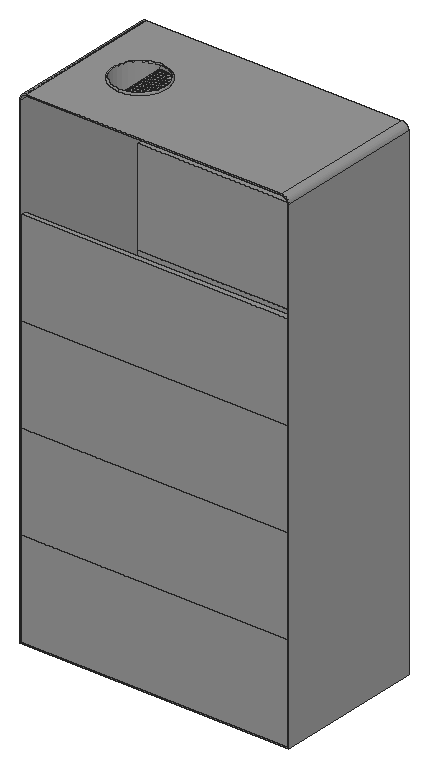
Revit family "Урна «Тефия» Арт 14131", category Антураж, Revit 2018
Family settings
  На основе рабочей плоскости = Нет
  Всегда вертикально = Да
  При загрузке вырезать с полостями = Нет
  Источник визуального образа = Геометрия семейства
  Общий = Нет
  Точка расчета площади = Нет
Parameters (values of type "Урна «Тефия»")
  Ширина = 313 mm  # constant formula
  Цвет урны = Коричневый
  Отделка урны = Дерево
  Описание = "Урна «Тефия». Версия объем: 90 литров"  # constant formula
  Материал изделия = "Сталь, фанера ФСФ"  # constant formula
  Изображение типоразмера = Урна «Тефия» Арт 14131.jpg
  Изготовитель = "ООО «Хоббика"  # constant formula
  Длина = 560 mm  # constant formula
  Группа модели = "Уличные урны"  # constant formula
  Высота = 1030 mm  # constant formula
  Артикул товара = "Арт. 14131"  # constant formula
  URL = "https://hobbyka.ru/product/urna_tefiya/"
Reference planes
  plane 1 "По центру (Вперед/Назад)": y = 0
  plane 2: z = 0
  plane 3 "По центру (Влево/Вправо)": x = 0
  plane 4: x = 560
  plane 5: y = 313
  plane 6: z = 1030
Forms (mm)
  Extrusion 1, solid, material "Коричневый" <- "Цвет урны"
    sketch origin (0, 0, 0) x (1, 0, 0) y (0, 0, 1)
      loop
        arc (15, 1030) -> (4.393, 1025.607) -> (0, 1015) r 15
        line (0, 1015) -> (0, 0) -> (560, 0) -> (560, 1015)
        arc (560, 1015) -> (555.607, 1025.607) -> (545, 1030) r 15
        line (545, 1030) -> (15, 1030)
      loop
        arc (15, 1028) -> (5.808, 1024.192) -> (2, 1015) r 13
        line (2, 1015) -> (2, 2) -> (558, 2) -> (558, 1015)
        arc (558, 1015) -> (554.192, 1024.192) -> (545, 1028) r 13
        line (545, 1028) -> (15, 1028)
    from 0 to -313
  Extrusion 2, solid, material "Дерево" <- "Отделка урны"
    sketch origin (0, 0, 0) x (1, 0, 0) y (0, 0, 1)
      loop
        line (2, 2) -> (558, 2) -> (558, 202) -> (2, 202) -> (2, 2)
    from 0 to -10
  Extrusion 3, solid, material "Дерево" <- "Отделка урны"
    sketch origin (0, 0, 200) x (1, 0, 0) y (0, 0, 1)
      loop
        line (2, 2) -> (558, 2) -> (558, 202) -> (2, 202) -> (2, 2)
    from 0 to -10
  Extrusion 4, solid, material "Дерево" <- "Отделка урны"
    sketch origin (0, 0, 400) x (1, 0, 0) y (0, 0, 1)
      loop
        line (2, 2) -> (558, 2) -> (558, 202) -> (2, 202) -> (2, 2)
    from 0 to -10
  Extrusion 5, solid, material "Дерево" <- "Отделка урны"
    sketch origin (0, 0, 600) x (1, 0, 0) y (0, 0, 1)
      loop
        line (2, 2) -> (558, 2) -> (558, 202) -> (2, 202) -> (2, 2)
    from 0 to -10
  Extrusion 6, solid, material "Дерево" <- "Отделка урны"
    sketch origin (-354.01, 313, 1200) x (-1, 0, 0) y (0, 0, 1)
      loop
        line (-356.01, -1198) -> (-356.01, -998) -> (-912.01, -998) -> (-912.01, -1198) -> (-356.01, -1198)
    from 0 to -10
  Extrusion 7, solid, material "Дерево" <- "Отделка урны"
    sketch origin (-354.01, 313, 1200) x (-1, 0, 0) y (0, 0, 1)
      loop
        line (-356.01, -998) -> (-356.01, -798) -> (-912.01, -798) -> (-912.01, -998) -> (-356.01, -998)
    from 0 to -10
  Extrusion 8, solid, material "Дерево" <- "Отделка урны"
    sketch origin (-354.01, 313, 1200) x (-1, 0, 0) y (0, 0, 1)
      loop
        line (-356.01, -798) -> (-356.01, -598) -> (-912.01, -598) -> (-912.01, -798) -> (-356.01, -798)
    from 0 to -10
  Extrusion 9, solid, material "Дерево" <- "Отделка урны"
    sketch origin (-354.01, 313, 1200) x (-1, 0, 0) y (0, 0, 1)
      loop
        line (-356.01, -598) -> (-356.01, -398) -> (-912.01, -398) -> (-912.01, -598) -> (-356.01, -598)
    from 0 to -10
  Revolve 10, solid, material "Сталь"
    sketch origin (125, 0, 0) x (0, 1, 0) y (0, 0, 1)
      loop
        line (100.5, 1030) -> (101.5, 1030) -> (101.5, 978) -> (156.5, 978) -> (156.5, 980) -> (103.5, 980) -> (103.5, 1032.3)
        arc (103.5, 1032.3) -> (101.433, 1031.89) -> (100.5, 1030) r 2.381
      axis (156.5, 978) -> (156.5, 1032.3)
    angle from 0 to 360
  Extrusion 11, void
    sketch origin (0, 0, 0) x (1, 0, 0) y (0, 1, 0)
      loop
        circle (125, 156.5) r 54
    from 1028 to 1030
  Extrusion 12, solid, material "Сталь"
    sketch origin (0, 0, 0) x (1, 0, 0) y (0, 1, 0)
      loop
        line (125, 209.5) -> (125, 103.5)
        arc (125, 103.5) -> (178, 156.5) -> (125, 209.5) r 53
      loop
        circle (130, 156.5) r 2.5
      loop
        circle (130, 164) r 2.5
      loop
        circle (130, 171.5) r 2.5
      loop
        circle (130, 179) r 2.5
      loop
        circle (130, 186.5) r 2.5
      loop
        circle (130, 194) r 2.5
      loop
        circle (130, 201.5) r 2.5
      loop
        circle (130, 149) r 2.5
      loop
        circle (130, 141.5) r 2.5
      loop
        circle (130, 134) r 2.5
      loop
        circle (130, 126.5) r 2.5
      loop
        circle (130, 119) r 2.5
      loop
        circle (130, 111.5) r 2.5
      loop
        circle (137.5, 156.5) r 2.5
      loop
        circle (137.5, 164) r 2.5
      loop
        circle (137.5, 171.5) r 2.5
      loop
        circle (137.5, 179) r 2.5
      loop
        circle (137.5, 186.5) r 2.5
      loop
        circle (137.5, 194) r 2.5
      loop
        circle (137.5, 201.5) r 2.5
      loop
        circle (137.5, 149) r 2.5
      loop
        circle (137.5, 141.5) r 2.5
      loop
        circle (137.5, 134) r 2.5
      loop
        circle (137.5, 126.5) r 2.5
      loop
        circle (137.5, 119) r 2.5
      loop
        circle (137.5, 111.5) r 2.5
      loop
        circle (145, 156.5) r 2.5
      loop
        circle (145, 164) r 2.5
      loop
        circle (145, 171.5) r 2.5
      loop
        circle (145, 179) r 2.5
      loop
        circle (145, 186.5) r 2.5
      loop
        circle (145, 194) r 2.5
      loop
        circle (145, 201.5) r 2.5
      loop
        circle (145, 149) r 2.5
      loop
        circle (145, 141.5) r 2.5
      loop
        circle (145, 134) r 2.5
      loop
        circle (145, 126.5) r 2.5
      loop
        circle (145, 119) r 2.5
      loop
        circle (145, 111.5) r 2.5
      loop
        circle (152.5, 156.5) r 2.5
      loop
        circle (152.5, 164) r 2.5
      loop
        circle (152.5, 171.5) r 2.5
      loop
        circle (152.5, 179) r 2.5
      loop
        circle (152.5, 186.5) r 2.5
      loop
        circle (152.5, 194) r 2.5
      loop
        circle (152.5, 149) r 2.5
      loop
        circle (152.5, 141.5) r 2.5
      loop
        circle (152.5, 134) r 2.5
      loop
        circle (152.5, 126.5) r 2.5
      loop
        circle (152.5, 119) r 2.5
      loop
        circle (160, 156.5) r 2.5
      loop
        circle (160, 164) r 2.5
      loop
        circle (160, 171.5) r 2.5
      loop
        circle (160, 179) r 2.5
      loop
        circle (160, 186.5) r 2.5
      loop
        circle (160, 149) r 2.5
      loop
        circle (160, 141.5) r 2.5
      loop
        circle (160, 134) r 2.5
      loop
        circle (160, 126.5) r 2.5
      loop
        circle (167.5, 156.5) r 2.5
      loop
        circle (167.5, 164) r 2.5
      loop
        circle (167.5, 171.5) r 2.5
      loop
        circle (167.5, 179) r 2.5
      loop
        circle (167.5, 149) r 2.5
      loop
        circle (167.5, 141.5) r 2.5
      loop
        circle (167.5, 134) r 2.5
      loop
        circle (175, 156.5) r 2.5
    from 1023.5 to 1025
Cuts and joins
  Extrusion 11 cuts Extrusion 1
  joined: Revolve 10, Extrusion 12
Dimensions and locks
  "Длина": plane 3 "По центру (Влево/Вправо)" to plane 4
  "Ширина": plane 5 to plane 1 "По центру (Вперед/Назад)"
  "Высота": plane 6 to plane 2
  aligned and locked: level to plane 2
Automatic sketch dimensions
  Extrusion 1 sketch curve to Extrusion 1 sketch curve = 0 mm  (x4)
  Extrusion 1 sketch curve to plane 3 "По центру (Влево/Вправо)" = 0 mm
  Extrusion 1 sketch curve to plane 6 = 0 mm
  Extrusion 1 sketch curve to level = 0 mm
  Extrusion 1 sketch curve to plane 4 = 0 mm
  plane 3 "По центру (Влево/Вправо)" to Extrusion 1 sketch curve = 2 mm
  Extrusion 1 sketch curve to Extrusion 1 sketch curve = 13 mm
  Extrusion 1 sketch curve to plane 4 = 15 mm
  level to Extrusion 1 sketch curve = 2 mm
  plane 3 "По центру (Влево/Вправо)" to Extrusion 2 sketch curve = 2 mm
  Extrusion 2 sketch curve to plane 4 = 2 mm
  level to Extrusion 2 sketch curve = 2 mm
  Extrusion 2 sketch curve to Extrusion 2 sketch curve = 200 mm
  plane 3 "По центру (Влево/Вправо)" to Extrusion 3 sketch curve = 2 mm
  Extrusion 3 sketch curve to plane 4 = 2 mm
  level to Extrusion 3 sketch curve = 202 mm
  Extrusion 3 sketch curve to Extrusion 3 sketch curve = 200 mm
  plane 3 "По центру (Влево/Вправо)" to Extrusion 4 sketch curve = 2 mm
  Extrusion 4 sketch curve to plane 4 = 2 mm
  level to Extrusion 4 sketch curve = 402 mm
  Extrusion 4 sketch curve to Extrusion 4 sketch curve = 200 mm
  plane 3 "По центру (Влево/Вправо)" to Extrusion 5 sketch curve = 2 mm
  Extrusion 5 sketch curve to plane 4 = 2 mm
  Extrusion 5 sketch curve to plane 6 = 428 mm
  Extrusion 5 sketch curve to Extrusion 5 sketch curve = 200 mm
  Extrusion 6 sketch curve to plane 4 = 2 mm
  plane 3 "По центру (Влево/Вправо)" to Extrusion 6 sketch curve = 2 mm
  level to Extrusion 6 sketch curve = 2 mm
  Extrusion 6 sketch curve to Extrusion 6 sketch curve = 200 mm
  Extrusion 7 sketch curve to plane 4 = 2 mm
  plane 3 "По центру (Влево/Вправо)" to Extrusion 7 sketch curve = 2 mm
  level to Extrusion 7 sketch curve = 202 mm
  Extrusion 7 sketch curve to Extrusion 7 sketch curve = 200 mm
  Extrusion 8 sketch curve to plane 4 = 2 mm
  plane 3 "По центру (Влево/Вправо)" to Extrusion 8 sketch curve = 2 mm
  level to Extrusion 8 sketch curve = 402 mm
  Extrusion 8 sketch curve to Extrusion 8 sketch curve = 200 mm
  Extrusion 9 sketch curve to plane 4 = 2 mm
  plane 3 "По центру (Влево/Вправо)" to Extrusion 9 sketch curve = 2 mm
  Extrusion 9 sketch curve to plane 6 = 428 mm
  Extrusion 9 sketch curve to Extrusion 9 sketch curve = 200 mm
  Revolve 10 sketch curve to plane 6 = 0 mm
  Revolve 10 sketch curve to plane 1 "По центру (Вперед/Назад)" = 100.5 mm
  Revolve 10 sketch curve to Revolve 10 sketch curve = 1 mm
  Revolve 10 sketch curve to Revolve 10 sketch curve = 1.381 mm
  plane 6 to Revolve 10 sketch curve = 2.3 mm
  Revolve 10 sketch curve to Revolve 10 sketch curve = 53 mm
  Revolve 10 sketch curve to plane 6 = 50 mm
  Revolve 10 sketch curve to Revolve 10 sketch curve = 2 mm
  Revolve 10 sketch curve to plane 1 "По центру (Вперед/Назад)" = 156.5 mm
  level to Revolve 10 sketch curve = 2 mm
  plane 6 to Revolve 10 sketch curve = 152 mm
  Extrusion 11 sketch curve to Extrusion 11 sketch curve = 0 mm  (x2)
  plane 3 "По центру (Влево/Вправо)" to Extrusion 11 sketch curve = 125 mm
  Extrusion 11 sketch curve to plane 1 "По центру (Вперед/Назад)" = 156.5 mm
  Extrusion 11 sketch curve to Extrusion 11 sketch curve = 54 mm
  plane 3 "По центру (Влево/Вправо)" to Extrusion 12 sketch curve = 125 mm
  Extrusion 12 sketch curve to Extrusion 12 sketch curve = 0 mm  (x60)
  Extrusion 12 sketch curve to Extrusion 12 sketch curve = 7.5 mm  (x73)
  Extrusion 12 sketch curve to plane 1 "По центру (Вперед/Назад)" = 103.5 mm
  Extrusion 12 sketch curve to Extrusion 12 sketch curve = 8 mm
  Extrusion 12 sketch curve to Extrusion 12 sketch curve = 5 mm
  radius of Extrusion 12 sketch curve = 2.5 mm  (x67)
